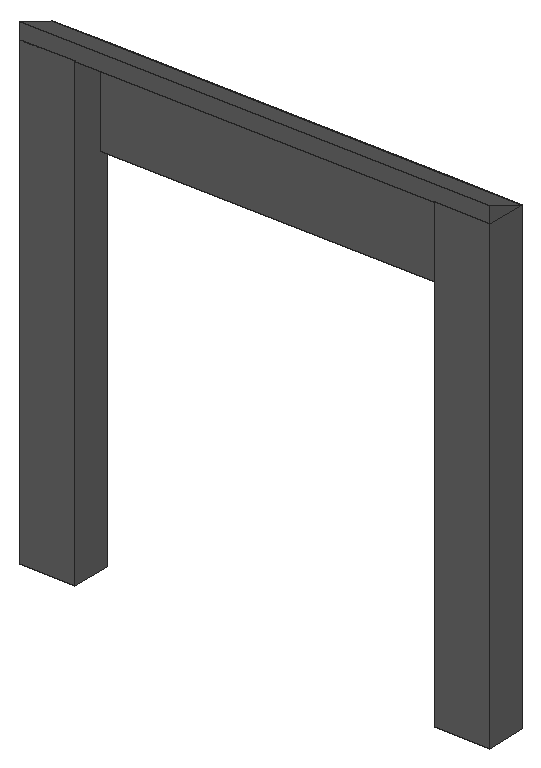
Revit family "Seals-Shelters_Serco_IDS-HC-Ironside", category Generic Models, host Wall, Revit 2026
Family settings
  Host = Wall
  Can host rebar = No
  Round Connector Dimension = Use Diameter
  Part Type = Normal
  Always vertical = Yes
  Cut with Voids When Loaded = No
  Maintain Annotation Orientation = No
  Shared = No
  Room Calculation Point = No
Parameters (values of type "8.5'x10' Door")
  Width = 10' - 0"
  URL = "https://www.entrematic.us/en/ent/entrematicus/"
  SidePadHeight = 10' - 0"
  Projection = 0' - 10"
  Opening = 7' - 8"
  Model = "IDS-HC Ironside/ADS-HC Armorguard"
  Manufacturer = "Entrematic"
  DropCurtain = 2' - 0"
  Description = "Foam Dock Seal"
  Default Elevation = 0' - 0"
Types (7): name | Width | SidePadHeight | Opening
  (no name) | 10' - 0" | 10' - 0" | 7' - 8"
  8'x10' Door | 9' - 6" | 10' - 0" | 7' - 6"
  8.5'x10' Door | 10' - 0" | 10' - 0" | 7' - 8"
  9'x10' Door | 10' - 7" | 10' - 0" | 7' - 10"
  8'x12' Door | 9' - 6" | 12' - 0" | 7' - 6"
  8.5'x12' Door | 10' - 0" | 12' - 0" | 7' - 8"
  9'x12' Door | 10' - 7" | 12' - 0" | 7' - 10"
Reference planes (in)
  plane 1: y = 0
  plane 2 "Center (Left/Right)": x = 0
  plane 3 "Wall Edge": y = 3
  plane 4: x = -46
  plane 5: x = -60
  plane 6: x = 46
  plane 7: x = 60
  plane 8: z = 124
  plane 9: z = 120
  plane 10: y = 13
  plane 11: y = 3
  plane 12: y = 13.03125
  plane 13: x = 50
  plane 14: x = 53
  plane 15: x = -50
  plane 16: x = -53
  plane 17: y = 11
  plane 18: z = 96
Forms (in)
  Extrusion 1, solid, material "Skin"
    sketch origin (0, 3, 0) x (1, 0, 0) y (0, 0, 1)
      loop
        line (60, 120) -> (46, 120) -> (46, 0) -> (60, 0) -> (60, 120)
      loop
        line (-46, 120) -> (-60, 120) -> (-60, 0) -> (-46, 0) -> (-46, 120)
    from 0 to -10
  Extrusion 2, solid, material "Guide Stripe"
    sketch origin (0, 3, 0) x (1, 0, 0) y (0, 0, 1)
      loop
        line (53, 0) -> (53, 96) -> (50, 96) -> (50, 0) -> (53, 0)
      loop
        line (-53, 0) -> (-50, 0) -> (-50, 96) -> (-53, 96) -> (-53, 0)
    from -10.03125 to -10
  Extrusion 3, solid, material "Skin"
    sketch origin (0, 0, 24) x (0, 1, 0) y (0, 0, 1)
      loop
        line (3, 100) -> (3, 96) -> (13, 96) -> (3, 100)
    from -60 to 60
  Extrusion 4, solid, material "Skin"
    sketch origin (0, 0, 0) x (0, 1, 0) y (0, 0, 1)
      loop
        line (11, 120) -> (11, 96) -> (13, 96) -> (13, 120) -> (11, 120)
    from -46 to 46
Text (in)
  text "Placement Side" at (0, 40.15149, 123.01588), in view "Right"
  text "Placement Side" at (-70.3804, 28.46503, 0), in view "Ref. Level"
  text "Placement Side" at (0, 81.62555, 140.59947), in view "Left"
Dimensions and locks (in)
  locked: plane 3 "Wall Edge" to host wall
  equal spacing: plane 6, plane 2 "Center (Left/Right)", plane 4
  "Opening": plane 6 to plane 4
  equal spacing: plane 7, plane 2 "Center (Left/Right)", plane 5
  "Width": plane 7 to plane 5
  "SidePadHeight": level to plane 9
  "Projection": plane 10 to plane 11
  plane 12 to plane 10 = 0' - 0 1/32"
  plane 14 to plane 13 to plane 6 = 0' - 3" locked, 0' - 4" locked
  plane 16 to plane 15 to plane 4 = 0' - 3" locked, 0' - 4" locked
  locked: plane 9 to plane 8 at 4
  locked: plane 17 to plane 10 at 2
  "DropCurtain": plane 18 to plane 9
  "Projection": Extrusion 3 sketch curve to Extrusion 3 sketch curve
  aligned and locked: plane 11 to host wall
  aligned and locked: Extrusion 1 sketch curve to level
  aligned and locked: Extrusion 1 sketch curve to plane 6
  aligned and locked: Extrusion 1 sketch curve to plane 4
  aligned and locked: Extrusion 1 sketch curve to plane 5
  aligned and locked: Extrusion 1 sketch curve to plane 9
  aligned and locked: level to Extrusion 1 sketch curve
  aligned and locked: Extrusion 1 to plane 11
  aligned and locked: plane 13 to Extrusion 2 sketch curve
  aligned and locked: Extrusion 2 sketch curve to plane 14
  aligned and locked: Extrusion 2 sketch curve to plane 16
  aligned and locked: Extrusion 2 sketch curve to plane 15
  aligned and locked: level to Extrusion 2 sketch curve
  aligned and locked: Extrusion 2 to plane 10
  aligned and locked: plane 12 to Extrusion 2
  aligned and locked: Extrusion 3 sketch curve to plane 9
  aligned and locked: Extrusion 3 sketch curve to plane 11
  aligned and locked: Extrusion 3 to plane 9
  aligned and locked: Extrusion 3 to plane 5
  aligned and locked: plane 7 to Extrusion 3
  aligned and locked: plane 17 to Extrusion 4 sketch curve
  aligned and locked: Extrusion 4 sketch curve to plane 9
  aligned and locked: plane 10 to Extrusion 1
  aligned and locked: plane 18 to Extrusion 2  (x2)
  aligned and locked: Extrusion 2 to level
  aligned and locked: Extrusion 4 sketch curve to plane 10
  aligned and locked: plane 7 to Extrusion 1
  aligned and locked: plane 9 to Extrusion 1
Automatic sketch dimensions
  plane 7 to Extrusion 1 sketch curve = 0' - 0"
  plane 9 to Extrusion 1 sketch curve = 0' - 0"
  Extrusion 2 sketch curve to plane 9 = 2' - 0"  (x2)
  Extrusion 4 sketch curve to plane 9 = 2' - 0"
  Extrusion 3 sketch curve to plane 8 = 0' - 0"
  Extrusion 2 sketch curve to level = 0' - 0"
